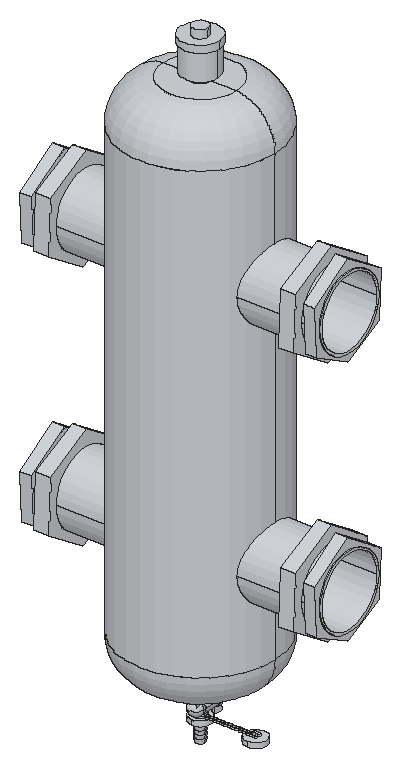
Revit family "Magnetic Dirt-Separator - R146IY007", category Plumbing Fixtures, Revit 2015
Reference planes
  plane 1 "Center (Front/Back)": y = 0
  plane 2: z = 0
  plane 3 "Center (Left/Right)": x = 0
  plane 4: z = 194
  plane 5: x = -155
  plane 6: x = 155
  plane 7: x = 27.082
  plane 8: x = -27.082
  plane 9: z = 667
  plane 10: z = 454
  plane 11: y = 27.082
  plane 12: y = -27.082
  plane 13: y = -78
  plane 14: y = 83
  plane 15: y = 27.082
  plane 16: y = -27.082
Forms (mm)
  Revolve 1, solid
    sketch origin (0, 0, 3) x (1, 0, 0) y (0, 0, 1)
      loop
        line (-78, 571.67) -> (-78, 99.691)
        arc (-78, 99.691) -> (-67, 71.623) -> (-39.858, 58.503) r 41.31
        line (-39.858, 58.503) -> (0, 58.503) -> (0, 616) -> (-37.979, 616)
        arc (-37.979, 616) -> (-66.515, 601.532) -> (-78, 571.67) r 44.562
      axis (0, 616) -> (0, 58.503)
    angle from 0 to 360
  Extrusion 2, solid
    sketch origin (0, 0, 659) x (1, 0, 0) y (0, 1, 0)
      loop
        circle (0, 0) r 8
    from 0 to 8
  Revolve 3, solid
    sketch origin (0, 0, 0) x (1, 0, 0) y (0, 0, 1)
      loop
        line (-5.119, 19.706) -> (-4.304, 15.76) -> (-5.119, 15.76) -> (-4.304, 11.814) -> (-5.119, 11.814) -> (-4.304, 7.868) -> (-5.119, 7.868) -> (-4.304, 3.922) -> (-5.119, 3.922) -> (-4.309, 0) -> (0, 0) -> (0, 19.706) -> (-5.119, 19.706)
      axis (0, 19.706) -> (0, 0)
    angle from 0 to 360
  Extrusion 4, solid
    sketch origin (0, 0, 51.5) x (0, -1, 0) y (1, 0, 0)
      loop
        line (-9.899, 9.899) -> (-13.523, -3.623) -> (-3.623, -13.523) -> (9.899, -9.899) -> (13.523, 3.623) -> (3.623, 13.523) -> (-9.899, 9.899)
    from -0.912 to 11.088
  Extrusion 5, solid
    sketch origin (0, 0, 43.706) x (0, -1, 0) y (1, 0, 0)
      loop
        circle (0, 0) r 11.105
      loop
        line (-8.942, -11.82) -> (-6.943, -13.221)
        arc (-6.943, -13.221) -> (0, -13.051) -> (6.943, -13.221) r 142.376
        line (6.943, -13.221) -> (8.942, -11.82)
        arc (8.942, -11.82) -> (11.789, 0) -> (8.942, 11.82) r 25.966
        line (8.942, 11.82) -> (6.943, 13.221)
        arc (6.943, 13.221) -> (0, 13.051) -> (-6.943, 13.221) r 142.376
        line (-6.943, 13.221) -> (-8.942, 11.82)
        arc (-8.942, 11.82) -> (-11.789, 0) -> (-8.942, -11.82) r 25.966
    from 0 to 5
  Extrusion 6, solid
    sketch origin (0, 0, 19.706) x (0, -1, 0) y (1, 0, 0)
      loop
        circle (0, 0) r 11
    from 0 to 4.971
  Extrusion 7, solid
    sketch origin (0, 0, 44.706) x (0, -1, 0) y (1, 0, 0)
      loop
        circle (0, 0) r 13
    from 4 to 6
  Extrusion 8, solid
    sketch origin (18.703, 0, 19.677) x (0, -1, 0) y (1, 0, 0)
      loop
        circle (0, 39) r 11
    from 0 to 5
  Extrusion 9, solid
    sketch origin (0, 10.938, -134.258) x (1, 0, 0) y (0, 0, -1)
      loop
        circle (0, -167.996) r 7.5
    from -13.595 to 5.209
  Revolve 10, solid
    sketch origin (0, -2.656, 33.727) x (0, -1, 0) y (1, 0, 0)
      loop
        line (0, 7.5) -> (0, 0) -> (10.635, 0)
        arc (10.635, 0) -> (8.319, 5.314) -> (2.95, 7.5) r 7.687
        line (2.95, 7.5) -> (0, 7.5)
      axis (0, 0) -> (10.635, 0)
    angle from 0 to 360
  Extrusion 11, solid
    sketch origin (0, 0, 14.706) x (-1, 0, 0) y (0, -1, 0)
      loop
        circle (0, 0) r 5.119
    from 9.971 to 16.528
  Revolve 12, solid
    sketch origin (0, 16.384, 33.727) x (0, 1, 0) y (-1, 0, 0)
      loop
        line (0.632, -8.291) -> (2.722, -8.291)
        arc (2.722, -8.291) -> (3.657, -4.191) -> (4.004, 0) r 29.769
        line (4.004, 0) -> (-1.726, 0) -> (-1.726, -5.865) -> (2.031, -5.865) -> (2.031, -7.491) -> (0.632, -7.491) -> (0.632, -8.291)
      axis (-1.726, 0) -> (4.004, 0)
    angle from 0 to 360
  Extrusion 13, solid
    sketch origin (4.688, 0, 0) x (0, -1, 0) y (0, 0, 1)
      loop
        line (11.329, 43.706) -> (-11.171, 43.706)
        arc (-11.171, 43.706) -> (-9.919, 40.677) -> (-9.876, 37.399) r 8.706
        line (-9.876, 37.399) -> (10.033, 37.399)
        arc (10.033, 37.399) -> (10.077, 40.677) -> (11.329, 43.706) r 8.706
    from -0.08 to 9.224
  Extrusion 14, solid
    sketch origin (1, 0, 0) x (0, -1, 0) y (0, 0, 1)
      loop
        line (-17.015, 42.013) -> (-17.015, 44.152) -> (-25.165, 44.152)
        arc (-25.165, 44.152) -> (-25.684, 43.831) -> (-25.628, 43.224) r 0.579
        line (-25.628, 43.224) -> (-20.328, 34.998)
        arc (-20.328, 34.998) -> (-19.907, 38.541) -> (-19.091, 42.013) r 31.634
        line (-19.091, 42.013) -> (-17.015, 42.013)
      loop
        line (-17.017, 25.437) -> (-19.084, 25.437)
        arc (-19.084, 25.437) -> (-19.905, 28.921) -> (-20.328, 32.476) r 31.634
        line (-20.328, 32.476) -> (-26.147, 19.717)
        arc (-26.147, 19.717) -> (-26.054, 18.428) -> (-24.921, 17.809) r 1.348
        line (-24.921, 17.809) -> (-17.017, 17.809) -> (-17.017, 25.437)
    from 0 to 2
  Extrusion 15, solid
    sketch origin (0, 0, 24.677) x (1, 0, 0) y (0, 1, 0)
      loop
        arc (9.667, 0.599) -> (7.817, 2.01) -> (5.874, 0.731) r 2.011
        arc (5.874, 0.731) -> (-0.366, 5.908) -> (-5.919, 0) r 5.919
        arc (-5.919, 0) -> (-0.366, -5.908) -> (5.874, -0.731) r 5.919
        arc (5.874, -0.731) -> (7.817, -2.01) -> (9.667, -0.599) r 2.011
        arc (9.667, -0.599) -> (11.587, -2.011) -> (13.506, -0.599) r 2.011
        arc (13.506, -0.599) -> (15.426, -2.011) -> (17.346, -0.599) r 2.011
        arc (17.346, -0.599) -> (19.265, -2.011) -> (21.185, -0.599) r 2.011
        arc (21.185, -0.599) -> (23.104, -2.011) -> (25.024, -0.599) r 2.011
        arc (25.024, -0.599) -> (26.944, -2.011) -> (28.863, -0.599) r 2.011
        arc (28.863, -0.599) -> (30.783, -2.011) -> (32.702, -0.599) r 2.011
        arc (32.702, -0.599) -> (34.622, -2.011) -> (36.541, -0.599) r 2.011
        arc (36.541, -0.599) -> (38.461, -2.011) -> (40.381, -0.599) r 2.011
        arc (40.381, -0.599) -> (42.3, -2.011) -> (44.22, -0.599) r 2.011
        arc (44.22, -0.599) -> (46.139, -2.011) -> (48.059, -0.599) r 2.011
        arc (48.059, -0.599) -> (49.979, -2.011) -> (51.898, -0.599) r 2.011
        arc (51.898, -0.599) -> (53.818, -2.011) -> (55.737, -0.599) r 2.011
        arc (55.737, -0.599) -> (57.96, -1.988) -> (59.668, 0) r 2.011
        arc (59.668, 0) -> (57.96, 1.988) -> (55.737, 0.599) r 2.011
        arc (55.737, 0.599) -> (53.818, 2.011) -> (51.898, 0.599) r 2.011
        arc (51.898, 0.599) -> (49.979, 2.011) -> (48.059, 0.599) r 2.011
        arc (48.059, 0.599) -> (46.139, 2.011) -> (44.22, 0.599) r 2.011
        arc (44.22, 0.599) -> (42.3, 2.011) -> (40.381, 0.599) r 2.011
        arc (40.381, 0.599) -> (38.461, 2.011) -> (36.541, 0.599) r 2.011
        arc (36.541, 0.599) -> (34.622, 2.011) -> (32.702, 0.599) r 2.011
        arc (32.702, 0.599) -> (30.783, 2.011) -> (28.863, 0.599) r 2.011
        arc (28.863, 0.599) -> (26.944, 2.011) -> (25.024, 0.599) r 2.011
        arc (25.024, 0.599) -> (23.104, 2.011) -> (21.185, 0.599) r 2.011
        arc (21.185, 0.599) -> (19.265, 2.011) -> (17.346, 0.599) r 2.011
        arc (17.346, 0.599) -> (15.426, 2.011) -> (13.506, 0.599) r 2.011
        arc (13.506, 0.599) -> (11.587, 2.011) -> (9.667, 0.599) r 2.011
      loop
        circle (7.748, 0) r 1.828
      loop
        circle (11.587, 0) r 1.828
      loop
        circle (15.426, 0) r 1.828
      loop
        circle (19.265, 0) r 1.828
      loop
        circle (23.104, 0) r 1.828
      loop
        circle (26.944, 0) r 1.828
      loop
        circle (30.783, 0) r 1.828
      loop
        circle (34.622, 0) r 1.828
      loop
        circle (38.461, 0) r 1.828
      loop
        circle (42.3, 0) r 1.828
      loop
        circle (46.139, 0) r 1.828
      loop
        circle (49.979, 0) r 1.828
      loop
        circle (53.818, 0) r 1.828
      loop
        circle (0, 0) r 5.119
      loop
        circle (57.657, 0) r 1.828
    from 0 to 1
  Extrusion 16, solid
    sketch origin (-1.905, 0, -3.024) x (1, 0, 0) y (0, 0, 1)
      loop
        line (55.828, 28.935) -> (63.295, 28.935) -> (63.295, 30.576)
        arc (63.295, 30.576) -> (59.562, 31.656) -> (55.828, 30.576) r 6.992
        line (55.828, 30.576) -> (55.828, 28.935)
      loop
        arc (62.495, 30.585) -> (59.562, 30.853) -> (56.628, 30.585) r 16.148
        line (56.628, 30.585) -> (56.628, 29.735) -> (62.495, 29.735) -> (62.495, 30.585)
    from -1.539 to 1.47
  Extrusion 17, solid
    sketch origin (59.562, 0, 27.373) x (0, -1, 0) y (1, 0, 0)
      loop
        circle (0, -1.905) r 1.5
    from -3.516 to -1.461
  Extrusion 18, solid
    sketch origin (-37.5, 0, 243.737) x (0, 1, 0) y (0, 0, -1)
      loop
        circle (0, -210.263) r 38
    from -192.5 to 117.5
  Extrusion 19, void
    sketch origin (0, 0, 220) x (0, 1, 0) y (0, 0, 1)
      loop
        circle (0, 234) r 36
    from -201.156 to 225
  Extrusion 20, void
    sketch origin (0, 0, 0) x (1, 0, 0) y (0, 0, 1)
      loop
        circle (0, 454) r 14
    from -105.197 to 10.713
  Extrusion 21, solid
    sketch origin (0, 0.79, 0) x (1, 0, 0) y (0, 0, -1)
      loop
        circle (0, -454) r 14
      loop
        circle (0, -454) r 16
    from 31.564 to 82.21
  Extrusion 22, solid
    sketch origin (37.5, 0, 23.737) x (0, 1, 0) y (0, 0, 1)
      loop
        circle (0, 170.263) r 38
    from -192.5 to 117.5
  Extrusion 23, void
    sketch origin (0, 0, 0) x (0, 1, 0) y (0, 0, 1)
      loop
        circle (0, 194) r 36
    from -201.156 to 225
  Extrusion 24, solid
    sketch origin (0, 0, 652) x (1, 0, 0) y (0, 1, 0)
      loop
        circle (0, 0) r 20
    from 0 to 7
  Extrusion 25, solid
    sketch origin (0, 0, 633.505) x (1, 0, 0) y (0, 1, 0)
      loop
        circle (0, 0) r 18
    from -9.505 to 18.495
  Extrusion 26, solid
    sketch origin (0, 0, 619) x (1, 0, 0) y (0, 1, 0)
      loop
        circle (0, 0) r 11
    from 0 to 5
  Extrusion 27, solid
    sketch origin (153.375, 0, -260) x (0, 1, 0) y (0, 0, -1)
      loop
        line (0, -407.643) -> (-40, -428.024) -> (-42.496, -475.653) -> (0, -503.25) -> (42.496, -475.653) -> (40, -428.024) -> (0, -407.643)
      loop
        circle (0, -454) r 38
    from 0 to 12
  Extrusion 28, solid
    sketch origin (135, 0, -260) x (0, 1, 0) y (0, 0, -1)
      loop
        circle (0, -454) r 38
      loop
        line (2.791, -507.26) -> (47.52, -478.213) -> (44.729, -424.953) -> (-2.791, -400.74) -> (-47.52, -429.787) -> (-44.729, -483.047) -> (2.791, -507.26)
    from 0 to 15
  Extrusion 29, solid
    sketch origin (-153.375, 0, -260) x (0, 1, 0) y (0, 0, 1)
      loop
        line (0, 407.643) -> (40, 428.024) -> (42.496, 475.653) -> (0, 503.25) -> (-42.496, 475.653) -> (-40, 428.024) -> (0, 407.643)
      loop
        circle (0, 454) r 38
    from 0 to 12
  Extrusion 30, solid
    sketch origin (-135, 0, -260) x (0, 1, 0) y (0, 0, 1)
      loop
        circle (0, 454) r 38
      loop
        line (2.791, 507.26) -> (-44.729, 483.047) -> (-47.52, 429.787) -> (-2.791, 400.74) -> (44.729, 424.953) -> (47.52, 478.213) -> (2.791, 507.26)
    from 0 to 15
  Extrusion 31, solid
    sketch origin (153.375, 0, 0) x (0, 1, 0) y (0, 0, -1)
      loop
        line (0, -407.643) -> (-40, -428.024) -> (-42.496, -475.653) -> (0, -503.25) -> (42.496, -475.653) -> (40, -428.024) -> (0, -407.643)
      loop
        circle (0, -454) r 38
    from 0 to 12
  Extrusion 32, solid
    sketch origin (135, 0, 0) x (0, 1, 0) y (0, 0, -1)
      loop
        circle (0, -454) r 38
      loop
        line (2.791, -507.26) -> (47.52, -478.213) -> (44.729, -424.953) -> (-2.791, -400.74) -> (-47.52, -429.787) -> (-44.729, -483.047) -> (2.791, -507.26)
    from 0 to 15
  Extrusion 33, solid
    sketch origin (-153.375, 0, 0) x (0, 1, 0) y (0, 0, 1)
      loop
        line (0, 407.643) -> (40, 428.024) -> (42.496, 475.653) -> (0, 503.25) -> (-42.496, 475.653) -> (-40, 428.024) -> (0, 407.643)
      loop
        circle (0, 454) r 38
    from 0 to 12
  Extrusion 34, solid
    sketch origin (-135, 0, 0) x (0, 1, 0) y (0, 0, 1)
      loop
        circle (0, 454) r 38
      loop
        line (2.791, 507.26) -> (-44.729, 483.047) -> (-47.52, 429.787) -> (-2.791, 400.74) -> (44.729, 424.953) -> (47.52, 478.213) -> (2.791, 507.26)
    from 0 to 15
Cuts and joins
  Extrusion 19, Extrusion 20, Extrusion 23 cuts Revolve 1
  Extrusion 19, Extrusion 23 cuts Extrusion 18
  Extrusion 23 cuts Extrusion 22
Dimensions and locks
  plane 2 to plane 4 = 194 mm
  equal spacing: plane 5, plane 3 "Center (Left/Right)", plane 6
  plane 2 to plane 9 = 667 mm
  plane 4 to plane 10 = 260 mm
  plane 10 to plane 9 = 213 mm
  plane 1 "Center (Front/Back)" to plane 14 = 83 mm
  plane 13 to plane 1 "Center (Front/Back)" = 78 mm
  plane 13 to plane 14 = 161 mm
  plane 3 "Center (Left/Right)" to plane 6 = 155 mm
  plane 3 "Center (Left/Right)" to plane 5 = 155 mm
  aligned and locked: level to plane 2
Automatic sketch dimensions
  Revolve 1 sketch curve to plane 3 "Center (Left/Right)" = 0 mm  (x2)
  Revolve 1 sketch curve to plane 3 "Center (Left/Right)" = 33.438 mm
  Revolve 1 sketch curve to plane 3 "Center (Left/Right)" = 36.69 mm
  Revolve 1 sketch curve to Revolve 1 sketch curve = 37.979 mm
  Revolve 1 sketch curve to Revolve 1 sketch curve = 39.858 mm
  Revolve 1 sketch curve to Revolve 1 sketch curve = 41.31 mm
  level to Revolve 1 sketch curve = 61.503 mm
  Revolve 1 sketch curve to plane 9 = 92.33 mm
  Revolve 1 sketch curve to plane 10 = 94 mm
  Revolve 1 sketch curve to Revolve 1 sketch curve = 22.67 mm
  plane 1 "Center (Front/Back)" to Extrusion 2 sketch curve = 0 mm
  Extrusion 2 sketch curve to plane 3 "Center (Left/Right)" = 0 mm
  Revolve 3 sketch curve to level = 0 mm  (x2)
  Revolve 3 sketch curve to plane 3 "Center (Left/Right)" = 0 mm  (x2)
  Revolve 3 sketch curve to plane 3 "Center (Left/Right)" = 4.304 mm  (x2)
  Revolve 3 sketch curve to Revolve 3 sketch curve = 0 mm  (x3)
  Revolve 3 sketch curve to Revolve 3 sketch curve = 0.005 mm
  Revolve 3 sketch curve to Revolve 3 sketch curve = 0.815 mm  (x4)
  level to Revolve 3 sketch curve = 3.922 mm
  Revolve 3 sketch curve to Revolve 3 sketch curve = 3.946 mm  (x4)
  Revolve 3 sketch curve to level = 13.856 mm
  Extrusion 4 sketch curve to plane 3 "Center (Left/Right)" = 3.623 mm
  Extrusion 4 sketch curve to plane 1 "Center (Front/Back)" = 13.523 mm
  Extrusion 4 sketch curve to plane 1 "Center (Front/Back)" = 9.899 mm
  Extrusion 4 sketch curve to plane 1 "Center (Front/Back)" = 3.623 mm
  plane 1 "Center (Front/Back)" to Extrusion 4 sketch curve = 3.623 mm
  plane 1 "Center (Front/Back)" to Extrusion 4 sketch curve = 9.899 mm
  plane 3 "Center (Left/Right)" to Extrusion 4 sketch curve = 3.623 mm
  plane 1 "Center (Front/Back)" to Extrusion 4 sketch curve = 13.523 mm
  Extrusion 4 sketch curve to plane 3 "Center (Left/Right)" = 9.899 mm
  Extrusion 4 sketch curve to plane 3 "Center (Left/Right)" = 13.523 mm
  plane 3 "Center (Left/Right)" to Extrusion 4 sketch curve = 9.899 mm
  plane 3 "Center (Left/Right)" to Extrusion 4 sketch curve = 13.523 mm
  Extrusion 5 sketch curve to plane 3 "Center (Left/Right)" = 0 mm  (x3)
  plane 1 "Center (Front/Back)" to Extrusion 5 sketch curve = 0 mm  (x3)
  Extrusion 5 sketch curve to plane 1 "Center (Front/Back)" = 6.943 mm  (x2)
  Extrusion 5 sketch curve to Extrusion 5 sketch curve = 2 mm  (x4)
  Extrusion 5 sketch curve to Extrusion 5 sketch curve = 5.235 mm  (x2)
  plane 1 "Center (Front/Back)" to Extrusion 5 sketch curve = 6.943 mm  (x2)
  Extrusion 5 sketch curve to plane 3 "Center (Left/Right)" = 11.82 mm  (x2)
  Extrusion 5 sketch curve to Extrusion 5 sketch curve = 1.4 mm  (x2)
  plane 5 to Extrusion 5 sketch curve = 0.427 mm
  Extrusion 5 sketch curve to plane 6 = 0.427 mm
  plane 1 "Center (Front/Back)" to Extrusion 6 sketch curve = 0 mm
  Extrusion 6 sketch curve to plane 3 "Center (Left/Right)" = 0 mm
  plane 1 "Center (Front/Back)" to Extrusion 7 sketch curve = 0 mm
  Extrusion 7 sketch curve to plane 3 "Center (Left/Right)" = 0 mm
  plane 1 "Center (Front/Back)" to Extrusion 8 sketch curve = 0 mm
  plane 3 "Center (Left/Right)" to Extrusion 8 sketch curve = 57.703 mm
  Extrusion 9 sketch curve to plane 3 "Center (Left/Right)" = 0 mm
  level to Extrusion 9 sketch curve = 33.737 mm
  Revolve 10 sketch curve to plane 3 "Center (Left/Right)" = 0 mm  (x2)
  plane 1 "Center (Front/Back)" to Revolve 10 sketch curve = 2.656 mm
  Revolve 10 sketch curve to plane 3 "Center (Left/Right)" = 0.187 mm
  Revolve 10 sketch curve to Revolve 10 sketch curve = 2.95 mm
  Revolve 10 sketch curve to Revolve 10 sketch curve = 7.684 mm
  Revolve 10 sketch curve to Revolve 10 sketch curve = 0.693 mm
  Revolve 10 sketch curve to plane 1 "Center (Front/Back)" = 4.745 mm
  Extrusion 11 sketch curve to Extrusion 11 sketch curve = 0 mm  (x2)
  plane 1 "Center (Front/Back)" to Extrusion 11 sketch curve = 0 mm
  Extrusion 11 sketch curve to plane 3 "Center (Left/Right)" = 0 mm
  plane 3 "Center (Left/Right)" to Extrusion 11 sketch curve = 5.119 mm
  Revolve 12 sketch curve to plane 3 "Center (Left/Right)" = 0 mm  (x2)
  Revolve 12 sketch curve to plane 3 "Center (Left/Right)" = 0.359 mm
  plane 1 "Center (Front/Back)" to Revolve 12 sketch curve = 9.379 mm
  Revolve 12 sketch curve to plane 1 "Center (Front/Back)" = 14.658 mm
  Revolve 12 sketch curve to Revolve 12 sketch curve = 2.358 mm
  Revolve 12 sketch curve to Revolve 12 sketch curve = 1.4 mm
  Revolve 12 sketch curve to Revolve 12 sketch curve = 0.691 mm
  Revolve 12 sketch curve to Revolve 12 sketch curve = 5.73 mm
  Revolve 12 sketch curve to Revolve 12 sketch curve = 0.8 mm
  Revolve 12 sketch curve to Revolve 12 sketch curve = 1.626 mm
  Revolve 12 sketch curve to Revolve 12 sketch curve = 5.675 mm
  Revolve 12 sketch curve to Revolve 12 sketch curve = 1.033 mm
  Extrusion 13 sketch curve to plane 1 "Center (Front/Back)" = 18.447 mm
  Extrusion 13 sketch curve to Extrusion 13 sketch curve = 7.276 mm  (x2)
  Extrusion 13 sketch curve to Extrusion 13 sketch curve = 1.296 mm  (x2)
  plane 1 "Center (Front/Back)" to Extrusion 13 sketch curve = 10.033 mm
  level to Extrusion 13 sketch curve = 37.399 mm
  Extrusion 13 sketch curve to Extrusion 13 sketch curve = 1.526 mm
  Extrusion 14 sketch curve to plane 1 "Center (Front/Back)" = 26.147 mm
  Extrusion 14 sketch curve to Extrusion 14 sketch curve = 0.519 mm
  Extrusion 14 sketch curve to Extrusion 14 sketch curve = 0.463 mm
  Extrusion 14 sketch curve to Extrusion 14 sketch curve = 1.227 mm
  Extrusion 14 sketch curve to Extrusion 14 sketch curve = 5.3 mm
  Extrusion 14 sketch curve to Extrusion 14 sketch curve = 0 mm  (x2)
  Extrusion 14 sketch curve to Extrusion 14 sketch curve = 6.074 mm
  Extrusion 14 sketch curve to Extrusion 14 sketch curve = 1.244 mm
  Extrusion 14 sketch curve to Extrusion 14 sketch curve = 2.066 mm
  Extrusion 14 sketch curve to Extrusion 14 sketch curve = 2.076 mm
  plane 1 "Center (Front/Back)" to Extrusion 14 sketch curve = 11.246 mm
  level to Extrusion 14 sketch curve = 17.809 mm
  Extrusion 14 sketch curve to Extrusion 14 sketch curve = 1.348 mm
  Extrusion 14 sketch curve to Extrusion 14 sketch curve = 7.627 mm
  Extrusion 14 sketch curve to Extrusion 14 sketch curve = 7.039 mm
  Extrusion 14 sketch curve to Extrusion 14 sketch curve = 1.379 mm
  Extrusion 14 sketch curve to Extrusion 14 sketch curve = 2.522 mm
  Extrusion 14 sketch curve to Extrusion 14 sketch curve = 1.211 mm
  Extrusion 14 sketch curve to Extrusion 14 sketch curve = 0.349 mm
  Extrusion 15 sketch curve to Extrusion 15 sketch curve = 0 mm  (x180)
  plane 1 "Center (Front/Back)" to Extrusion 15 sketch curve = 0 mm  (x15)
  Extrusion 15 sketch curve to plane 3 "Center (Left/Right)" = 0 mm
  plane 3 "Center (Left/Right)" to Extrusion 15 sketch curve = 7.748 mm
  Extrusion 15 sketch curve to Extrusion 15 sketch curve = 3.839 mm  (x13)
  Extrusion 15 sketch curve to Extrusion 15 sketch curve = 5.119 mm
  Extrusion 15 sketch curve to Extrusion 15 sketch curve = 0.8 mm
  Extrusion 15 sketch curve to plane 1 "Center (Front/Back)" = 0.731 mm
  plane 1 "Center (Front/Back)" to Extrusion 15 sketch curve = 0.731 mm
  Extrusion 15 sketch curve to Extrusion 15 sketch curve = 0.045 mm
  plane 1 "Center (Front/Back)" to Extrusion 15 sketch curve = 0.599 mm  (x12)
  Extrusion 15 sketch curve to plane 1 "Center (Front/Back)" = 0.599 mm  (x13)
  Extrusion 15 sketch curve to Extrusion 15 sketch curve = 0.183 mm  (x13)
  plane 3 "Center (Left/Right)" to Extrusion 16 sketch curve = 53.924 mm
  Extrusion 16 sketch curve to Extrusion 16 sketch curve = 0.8 mm  (x3)
  Extrusion 16 sketch curve to Extrusion 16 sketch curve = 3.733 mm
  Extrusion 16 sketch curve to Extrusion 16 sketch curve = 0 mm
  Extrusion 16 sketch curve to Extrusion 16 sketch curve = 5.867 mm
  level to Extrusion 16 sketch curve = 11.681 mm
  Extrusion 16 sketch curve to Extrusion 16 sketch curve = 9.958 mm
  Extrusion 16 sketch curve to Extrusion 16 sketch curve = 4.272 mm
  Extrusion 16 sketch curve to Extrusion 16 sketch curve = 0.84 mm
  Extrusion 16 sketch curve to Extrusion 16 sketch curve = 0.009 mm
  Extrusion 17 sketch curve to Extrusion 17 sketch curve = 0 mm  (x2)
  plane 1 "Center (Front/Back)" to Extrusion 17 sketch curve = 0 mm
  plane 3 "Center (Left/Right)" to Extrusion 17 sketch curve = 57.657 mm
  Extrusion 17 sketch curve to Extrusion 17 sketch curve = 1.5 mm
  Extrusion 18 sketch curve to plane 1 "Center (Front/Back)" = 0 mm
  Extrusion 18 sketch curve to plane 10 = 0 mm
  Extrusion 19 sketch curve to Extrusion 19 sketch curve = 0 mm  (x2)
  Extrusion 19 sketch curve to plane 10 = 0 mm
  Extrusion 19 sketch curve to plane 1 "Center (Front/Back)" = 0 mm
  plane 1 "Center (Front/Back)" to Extrusion 19 sketch curve = 36 mm
  Extrusion 20 sketch curve to plane 3 "Center (Left/Right)" = 0 mm
  Extrusion 20 sketch curve to plane 10 = 0 mm
  Extrusion 21 sketch curve to Extrusion 21 sketch curve = 0 mm  (x6)
  Extrusion 21 sketch curve to plane 10 = 0 mm
  Extrusion 21 sketch curve to plane 3 "Center (Left/Right)" = 0 mm
  Extrusion 21 sketch curve to plane 3 "Center (Left/Right)" = 16 mm
  Extrusion 22 sketch curve to plane 1 "Center (Front/Back)" = 0 mm
  Extrusion 22 sketch curve to plane 4 = 0 mm
  Extrusion 23 sketch curve to Extrusion 23 sketch curve = 0 mm  (x2)
  Extrusion 23 sketch curve to plane 4 = 0 mm
  Extrusion 23 sketch curve to plane 1 "Center (Front/Back)" = 0 mm
  plane 1 "Center (Front/Back)" to Extrusion 23 sketch curve = 36 mm
  plane 1 "Center (Front/Back)" to Extrusion 24 sketch curve = 0 mm
  Extrusion 24 sketch curve to plane 3 "Center (Left/Right)" = 0 mm
  plane 1 "Center (Front/Back)" to Extrusion 25 sketch curve = 0 mm
  Extrusion 25 sketch curve to plane 3 "Center (Left/Right)" = 0 mm
  plane 1 "Center (Front/Back)" to Extrusion 26 sketch curve = 0 mm
  Extrusion 26 sketch curve to plane 3 "Center (Left/Right)" = 0 mm
  Extrusion 27 sketch curve to plane 1 "Center (Front/Back)" = 0 mm  (x3)
  Extrusion 27 sketch curve to plane 4 = 0 mm
  Extrusion 27 sketch curve to plane 13 = 38 mm
  Extrusion 27 sketch curve to plane 13 = 35.504 mm
  Extrusion 27 sketch curve to plane 1 "Center (Front/Back)" = 40 mm
  plane 14 to Extrusion 27 sketch curve = 40.504 mm
  plane 4 to Extrusion 27 sketch curve = 21.653 mm  (x2)
  Extrusion 27 sketch curve to Extrusion 27 sketch curve = 49.25 mm
  Extrusion 27 sketch curve to plane 4 = 25.976 mm  (x2)
  Extrusion 27 sketch curve to Extrusion 27 sketch curve = 20.381 mm
  Extrusion 28 sketch curve to plane 1 "Center (Front/Back)" = 0 mm
  Extrusion 28 sketch curve to plane 4 = 0 mm
  plane 1 "Center (Front/Back)" to Extrusion 28 sketch curve = 2.791 mm
  Extrusion 28 sketch curve to plane 13 = 33.271 mm
  Extrusion 28 sketch curve to plane 13 = 30.48 mm
  Extrusion 28 sketch curve to plane 1 "Center (Front/Back)" = 2.791 mm
  plane 14 to Extrusion 28 sketch curve = 38.271 mm
  plane 14 to Extrusion 28 sketch curve = 35.48 mm
  plane 4 to Extrusion 28 sketch curve = 24.213 mm
  plane 4 to Extrusion 28 sketch curve = 29.047 mm
  plane 4 to Extrusion 28 sketch curve = 53.26 mm
  Extrusion 28 sketch curve to plane 4 = 24.213 mm
  Extrusion 28 sketch curve to plane 4 = 29.047 mm
  Extrusion 28 sketch curve to plane 4 = 53.26 mm
  Extrusion 29 sketch curve to plane 1 "Center (Front/Back)" = 0 mm  (x3)
  Extrusion 29 sketch curve to plane 4 = 0 mm
  Extrusion 29 sketch curve to plane 13 = 38 mm
  Extrusion 29 sketch curve to plane 13 = 35.504 mm
  Extrusion 29 sketch curve to plane 1 "Center (Front/Back)" = 40 mm
  plane 14 to Extrusion 29 sketch curve = 40.504 mm
  Extrusion 29 sketch curve to plane 4 = 25.976 mm  (x2)
  Extrusion 29 sketch curve to Extrusion 29 sketch curve = 20.381 mm
  plane 4 to Extrusion 29 sketch curve = 21.653 mm  (x2)
  Extrusion 29 sketch curve to Extrusion 29 sketch curve = 49.25 mm
  Extrusion 30 sketch curve to plane 1 "Center (Front/Back)" = 0 mm
  Extrusion 30 sketch curve to plane 4 = 0 mm
  plane 1 "Center (Front/Back)" to Extrusion 30 sketch curve = 2.791 mm
  Extrusion 30 sketch curve to plane 13 = 33.271 mm
  Extrusion 30 sketch curve to plane 13 = 30.48 mm
  Extrusion 30 sketch curve to plane 1 "Center (Front/Back)" = 2.791 mm
  plane 14 to Extrusion 30 sketch curve = 38.271 mm
  plane 14 to Extrusion 30 sketch curve = 35.48 mm
  Extrusion 30 sketch curve to plane 4 = 24.213 mm
  Extrusion 30 sketch curve to plane 4 = 29.047 mm
  Extrusion 30 sketch curve to plane 4 = 53.26 mm
  plane 4 to Extrusion 30 sketch curve = 24.213 mm
  plane 4 to Extrusion 30 sketch curve = 29.047 mm
  plane 4 to Extrusion 30 sketch curve = 53.26 mm
  Extrusion 31 sketch curve to plane 1 "Center (Front/Back)" = 0 mm  (x3)
  Extrusion 31 sketch curve to plane 10 = 0 mm
  Extrusion 31 sketch curve to plane 13 = 38 mm
  Extrusion 31 sketch curve to plane 13 = 35.504 mm
  Extrusion 31 sketch curve to plane 1 "Center (Front/Back)" = 40 mm
  plane 14 to Extrusion 31 sketch curve = 40.504 mm
  plane 10 to Extrusion 31 sketch curve = 21.653 mm  (x2)
  Extrusion 31 sketch curve to Extrusion 31 sketch curve = 49.25 mm
  Extrusion 31 sketch curve to plane 10 = 25.976 mm  (x2)
  Extrusion 31 sketch curve to Extrusion 31 sketch curve = 20.381 mm
  Extrusion 32 sketch curve to plane 1 "Center (Front/Back)" = 0 mm
  Extrusion 32 sketch curve to plane 10 = 0 mm
  plane 1 "Center (Front/Back)" to Extrusion 32 sketch curve = 2.791 mm
  Extrusion 32 sketch curve to plane 13 = 33.271 mm
  Extrusion 32 sketch curve to plane 13 = 30.48 mm
  Extrusion 32 sketch curve to plane 1 "Center (Front/Back)" = 2.791 mm
  plane 14 to Extrusion 32 sketch curve = 38.271 mm
  plane 14 to Extrusion 32 sketch curve = 35.48 mm
  plane 10 to Extrusion 32 sketch curve = 24.213 mm
  plane 10 to Extrusion 32 sketch curve = 29.047 mm
  plane 10 to Extrusion 32 sketch curve = 53.26 mm
  Extrusion 32 sketch curve to plane 10 = 24.213 mm
  Extrusion 32 sketch curve to plane 10 = 29.047 mm
  Extrusion 32 sketch curve to plane 10 = 53.26 mm
  Extrusion 33 sketch curve to plane 1 "Center (Front/Back)" = 0 mm  (x3)
  Extrusion 33 sketch curve to plane 10 = 0 mm
  Extrusion 33 sketch curve to plane 13 = 38 mm
  Extrusion 33 sketch curve to plane 13 = 35.504 mm
  Extrusion 33 sketch curve to plane 1 "Center (Front/Back)" = 40 mm
  plane 14 to Extrusion 33 sketch curve = 40.504 mm
  Extrusion 33 sketch curve to plane 10 = 25.976 mm  (x2)
  Extrusion 33 sketch curve to Extrusion 33 sketch curve = 20.381 mm
  plane 10 to Extrusion 33 sketch curve = 21.653 mm  (x2)
  Extrusion 33 sketch curve to Extrusion 33 sketch curve = 49.25 mm
  Extrusion 34 sketch curve to plane 1 "Center (Front/Back)" = 0 mm
  Extrusion 34 sketch curve to plane 10 = 0 mm
  plane 1 "Center (Front/Back)" to Extrusion 34 sketch curve = 2.791 mm
  Extrusion 34 sketch curve to plane 13 = 33.271 mm
  Extrusion 34 sketch curve to plane 13 = 30.48 mm
  Extrusion 34 sketch curve to plane 1 "Center (Front/Back)" = 2.791 mm
  plane 14 to Extrusion 34 sketch curve = 38.271 mm
  plane 14 to Extrusion 34 sketch curve = 35.48 mm
  Extrusion 34 sketch curve to plane 10 = 24.213 mm
  Extrusion 34 sketch curve to plane 10 = 29.047 mm
  Extrusion 34 sketch curve to plane 10 = 53.26 mm
  plane 10 to Extrusion 34 sketch curve = 24.213 mm
  plane 10 to Extrusion 34 sketch curve = 29.047 mm
  plane 10 to Extrusion 34 sketch curve = 53.26 mm
  radius of Extrusion 2 sketch curve = 8 mm
  radius of Extrusion 5 sketch curve = 11.105 mm
  radius of Extrusion 6 sketch curve = 11 mm
  radius of Extrusion 7 sketch curve = 13 mm
  radius of Extrusion 8 sketch curve = 11 mm
  radius of Extrusion 9 sketch curve = 7.5 mm
  radius of Extrusion 18 sketch curve = 38 mm
  radius of Extrusion 20 sketch curve = 14 mm
  radius of Extrusion 21 sketch curve = 14 mm
  radius of Extrusion 22 sketch curve = 38 mm
  radius of Extrusion 24 sketch curve = 20 mm
  radius of Extrusion 25 sketch curve = 18 mm
  radius of Extrusion 26 sketch curve = 11 mm
  radius of Extrusion 27 sketch curve = 38 mm
  radius of Extrusion 28 sketch curve = 38 mm
  radius of Extrusion 29 sketch curve = 38 mm
  radius of Extrusion 30 sketch curve = 38 mm
  radius of Extrusion 31 sketch curve = 38 mm
  radius of Extrusion 32 sketch curve = 38 mm
  radius of Extrusion 33 sketch curve = 38 mm
  radius of Extrusion 34 sketch curve = 38 mm
